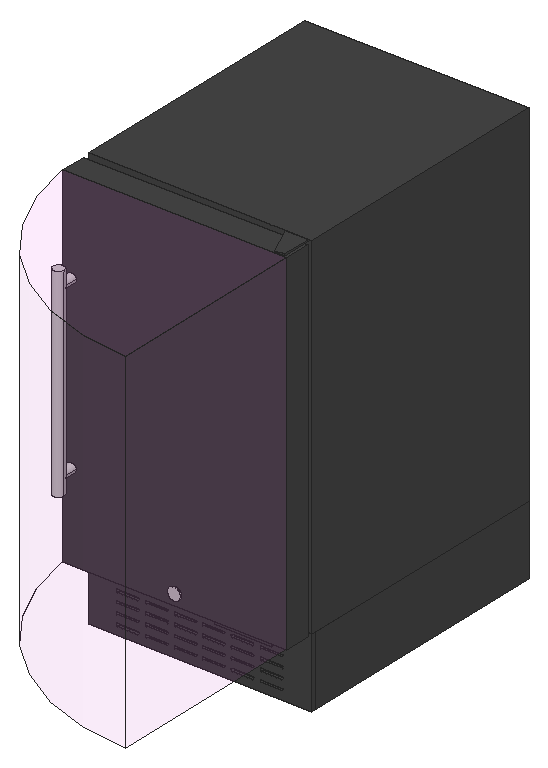
Revit family "QF_Summit_FF1843B_Refrigerator", category Specialty Equipment, Revit 2020
Family settings
  Round Connector Dimension = Use Diameter
  Part Type = Normal
  Work Plane-Based = No
  Always vertical = Yes
  Cut with Voids When Loaded = No
  Shared = No
  Room Calculation Point = No
Parameters
  Weight in Pounds = 90
  Watts = Volts * FL Amps  # 126.5 W
  Volts = 115 V
  URL Cutsheet = ""
  Specification by User = ""
  Specification by Manufacturer = ""
  Show LHD [instance] = no
  Right Hinged Door [instance] = not(Show LHD)  # yes
  Serial Number = ""
  Seismic Rating = ""
  SMACNA No = ""
  Revision Code = ""
  Refrigerant Volume = 0.00 kip
  Refrigerant Type = "R600a"
  Phase = 1
  Number of Poles = 1
  NAFEM Spec ID Number = ""
  Model = "FF1843B"
  Min Ckt Ampacity = 0 A
  Max Overcurrent Protection = 0 A
  Masterspec = ""
  Manufacturer = "Summit"
  Length = 17 3/4"
  Item Number = ""
  Installed By = ""
  Identify Quantity as Lot = yes
  Height = 34 1/4"
  HP = ""
  Furnished By = ""
  Foodservice Equipment Identifier = yes
  FL Amps = 1.1 A
  Electrical Remarks = ""
  Electric Connection Type = ""
  Elec Conn RI Height = 0"
  Elec Conn Connection Height = 0"
  Description = "Refrigerator"
  Depth = 24"
  Default Elevation = 0"
  Cycle = 60 Hz
  Conn Plug = ""
  Conn Conduit = yes
  CSI MasterFormat = ""
  BTUH = 0.0 Btu/h
  Apparent Power = if(Phase = 3, Volts * FL Amps * 1.73, Volts * FL Amps)  # 126.5 VA
Reference planes (in)
  plane 1 "BACK": y = 0
  plane 2: z = 0
  plane 3 "LEFT": x = 0
  plane 4 "RIGHT": x = 17.75
  plane 5 "FRONT": y = -24
  plane 6 "TOP": z = 34.25
  plane 7 "Center Y": x = 8.875
  plane 8 "Center X": y = -12
  plane 9: y = -25.75
  plane 10: y = -40
  plane 11: z = 0.75
  plane 12: x = 14.75
  plane 13: z = 27.9375
  plane 14: z = 11.9375
  plane 15: y = -21.5
  plane 16: z = 34.125
  plane 17: z = 6.25
Forms (in)
  Extrusion 1, solid, material "QF_Metallic_Paint_Black_Smooth"
    sketch origin (-4.07558, -173.75, 3) x (-1, 0, 0) y (0, -1, 0)
      loop
        line (-4.07558, -173.75) -> (-4.07558, -152.25) -> (-21.82558, -152.25) -> (-21.82558, -173.75) -> (-4.07558, -173.75)
    from 3.25 to 31.25
  Extrusion 2, solid, material "QF_Metallic_Paint_Black_Smooth"
    sketch origin (-5.77638, -180.875, 6.25) x (-1, 0, 0) y (0, -1, 0)
      loop
        line (-5.77638, -156.875) -> (-23.52638, -156.875) -> (-23.52638, -158.95152) -> (-5.77638, -158.95152) -> (-5.77638, -156.875)
    from 0 to 27.875
  Extrusion 3, solid, material "QF_Metallic_Paint_Black_Smooth"
    sketch origin (23.5, -21.92348, 6.25) x (-1, 0, 0) y (0, 0, 1)
      loop
        line (6.25, 0.5) -> (23, 0.5) -> (23, 27.375) -> (6.25, 27.375) -> (6.25, 0.5)
    from 0 to 0.42348
  Extrusion 4, solid, material "QF_Metal_Stainless_Polished", visible <- "Right Hinged Door"
    sketch origin (-5.64398, -181.7489, 23.25) x (-1, 0, 0) y (0, -1, 0)
      loop
        circle (-6.30689, -156.43406) r 0.43516
    from -11.3125 to 4.6875
  Extrusion 5, solid, material "QF_Metallic_Paint_Black_Smooth"
    sketch origin (3.16331, 0, 0.52816) x (1, 0, 0) y (0, 0, -1)
      loop
        circle (11.58669, -0.97184) r 0.25
    from 0 to 0.25
  Extrusion 6, solid, material "QF_Metal_Stainless_Polished"
    sketch origin (-2.9375, -24, 6.25) x (1, 0, 0) y (0, 0, 1)
      loop
        circle (11.8125, 0.875) r 0.5
    from 0 to 0.0625
  Extrusion 7, solid, material "QF_Metal_Stainless_Polished", visible <- "Right Hinged Door"
    sketch origin (0, -24, 2.75) x (1, 0, 0) y (0, 0, 1)
      loop
        circle (0.66291, 23.9375) r 0.34631
      loop
        circle (0.66291, 10.4375) r 0.34631
    from 0 to 1.38673
  Revolve 8, solid, material "QF_Metallic_Paint_Black_Smooth"
    sketch origin (0, -2, 0) x (1, 0, 0) y (0, 0, 1)
      loop
        line (1.15625, 0) -> (1.75, 0) -> (1.75, 0.75) -> (1.09063, 0.75) -> (1.15625, 0)
      axis (1.75, 0.75) -> (1.75, 0)
    angle from 0 to 360
  Revolve 9, solid, material "QF_Metallic_Paint_Black_Smooth"
    sketch origin (0, -19.5, 0) x (1, 0, 0) y (0, 0, 1)
      loop
        line (1.75, 0.75) -> (1.09063, 0.75) -> (1.15625, 0) -> (1.75, 0) -> (1.75, 0.75)
      axis (1.75, 0.75) -> (1.75, 0)
    angle from 0 to 360
  Extrusion 10, solid, material "QF_Clearances_Door_Drawer", visible <- "Right Hinged Door"
    sketch origin (-4.07558, -186.75, 3.5) x (-1, 0, 0) y (0, -1, 0)
      loop
        line (-21.82558, -162.75) -> (-4.07558, -162.75)
        arc (-4.07558, -162.75) -> (-9.96661, -151.43965) -> (-21.82558, -146.75) r 18.2452
        line (-21.82558, -146.75) -> (-21.82558, -162.75)
    from 2.75 to 30.625
  Extrusion 11, solid, material "QF_Metallic_Paint_Black_Smooth"
    sketch origin (0, 0, 2.75) x (1, 0, 0) y (0, 0, 1)
      loop
        line (0, 3.5) -> (0, -2) -> (17.75, -2) -> (17.75, 3.5) -> (0, 3.5)
    from 0 to 21.25
  Extrusion 12, solid, material "QF_Metallic_Paint_Black_Smooth"
    sketch origin (-7.77831, -21.5, 50.75) x (-1, 0, 0) y (0, 0, 1)
      loop
        line (-7.77831, -44.5) -> (-25.52831, -44.5) -> (-25.52831, -50) -> (-7.77831, -50) -> (-7.77831, -44.5)
      loop
        line (-10.13624, -45.08943) -> (-11.73052, -45.08943)
        arc (-11.73052, -45.08943) -> (-11.85552, -45.21443) -> (-11.73052, -45.33943) r 0.125
        line (-11.73052, -45.33943) -> (-10.13624, -45.33943)
        arc (-10.13624, -45.33943) -> (-10.01124, -45.21443) -> (-10.13624, -45.08943) r 0.125
      loop
        line (-10.13624, -45.89363) -> (-11.73052, -45.89363)
        arc (-11.73052, -45.89363) -> (-11.85552, -46.01863) -> (-11.73052, -46.14363) r 0.125
        line (-11.73052, -46.14363) -> (-10.13624, -46.14363)
        arc (-10.13624, -46.14363) -> (-10.01124, -46.01863) -> (-10.13624, -45.89363) r 0.125
      loop
        line (-10.13624, -46.69783) -> (-11.73052, -46.69783)
        arc (-11.73052, -46.69783) -> (-11.85552, -46.82283) -> (-11.73052, -46.94783) r 0.125
        line (-11.73052, -46.94783) -> (-10.13624, -46.94783)
        arc (-10.13624, -46.94783) -> (-10.01124, -46.82283) -> (-10.13624, -46.69783) r 0.125
      loop
        line (-12.46135, -45.08943) -> (-14.05563, -45.08943)
        arc (-14.05563, -45.08943) -> (-14.18063, -45.21443) -> (-14.05563, -45.33943) r 0.125
        line (-14.05563, -45.33943) -> (-12.46135, -45.33943)
        arc (-12.46135, -45.33943) -> (-12.33635, -45.21443) -> (-12.46135, -45.08943) r 0.125
      loop
        line (-12.46135, -45.89363) -> (-14.05563, -45.89363)
        arc (-14.05563, -45.89363) -> (-14.18063, -46.01863) -> (-14.05563, -46.14363) r 0.125
        line (-14.05563, -46.14363) -> (-12.46135, -46.14363)
        arc (-12.46135, -46.14363) -> (-12.33635, -46.01863) -> (-12.46135, -45.89363) r 0.125
      loop
        line (-12.46135, -46.69783) -> (-14.05563, -46.69783)
        arc (-14.05563, -46.69783) -> (-14.18063, -46.82283) -> (-14.05563, -46.94783) r 0.125
        line (-14.05563, -46.94783) -> (-12.46135, -46.94783)
        arc (-12.46135, -46.94783) -> (-12.33635, -46.82283) -> (-12.46135, -46.69783) r 0.125
      loop
        line (-14.7426, -45.08943) -> (-16.33688, -45.08943)
        arc (-16.33688, -45.08943) -> (-16.46188, -45.21443) -> (-16.33688, -45.33943) r 0.125
        line (-16.33688, -45.33943) -> (-14.7426, -45.33943)
        arc (-14.7426, -45.33943) -> (-14.6176, -45.21443) -> (-14.7426, -45.08943) r 0.125
      loop
        line (-14.7426, -45.89363) -> (-16.33688, -45.89363)
        arc (-16.33688, -45.89363) -> (-16.46188, -46.01863) -> (-16.33688, -46.14363) r 0.125
        line (-16.33688, -46.14363) -> (-14.7426, -46.14363)
        arc (-14.7426, -46.14363) -> (-14.6176, -46.01863) -> (-14.7426, -45.89363) r 0.125
      loop
        line (-14.7426, -46.69783) -> (-16.33688, -46.69783)
        arc (-16.33688, -46.69783) -> (-16.46188, -46.82283) -> (-16.33688, -46.94783) r 0.125
        line (-16.33688, -46.94783) -> (-14.7426, -46.94783)
        arc (-14.7426, -46.94783) -> (-14.6176, -46.82283) -> (-14.7426, -46.69783) r 0.125
      loop
        arc (-23.17038, -46.69783) -> (-23.29538, -46.82283) -> (-23.17038, -46.94783) r 0.125
        line (-23.17038, -46.94783) -> (-21.5761, -46.94783)
        arc (-21.5761, -46.94783) -> (-21.4511, -46.82283) -> (-21.5761, -46.69783) r 0.125
        line (-21.5761, -46.69783) -> (-23.17038, -46.69783)
      loop
        arc (-20.84527, -46.69783) -> (-20.97027, -46.82283) -> (-20.84527, -46.94783) r 0.125
        line (-20.84527, -46.94783) -> (-19.25099, -46.94783)
        arc (-19.25099, -46.94783) -> (-19.12599, -46.82283) -> (-19.25099, -46.69783) r 0.125
        line (-19.25099, -46.69783) -> (-20.84527, -46.69783)
      loop
        arc (-18.56402, -46.69783) -> (-18.68902, -46.82283) -> (-18.56402, -46.94783) r 0.125
        line (-18.56402, -46.94783) -> (-16.96974, -46.94783)
        arc (-16.96974, -46.94783) -> (-16.84474, -46.82283) -> (-16.96974, -46.69783) r 0.125
        line (-16.96974, -46.69783) -> (-18.56402, -46.69783)
      loop
        line (-10.13624, -47.50203) -> (-11.73052, -47.50203)
        arc (-11.73052, -47.50203) -> (-11.85552, -47.62703) -> (-11.73052, -47.75203) r 0.125
        line (-11.73052, -47.75203) -> (-10.13624, -47.75203)
        arc (-10.13624, -47.75203) -> (-10.01124, -47.62703) -> (-10.13624, -47.50203) r 0.125
      loop
        line (-12.46135, -47.50203) -> (-14.05563, -47.50203)
        arc (-14.05563, -47.50203) -> (-14.18063, -47.62703) -> (-14.05563, -47.75203) r 0.125
        line (-14.05563, -47.75203) -> (-12.46135, -47.75203)
        arc (-12.46135, -47.75203) -> (-12.33635, -47.62703) -> (-12.46135, -47.50203) r 0.125
      loop
        line (-14.7426, -47.50203) -> (-16.33688, -47.50203)
        arc (-16.33688, -47.50203) -> (-16.46188, -47.62703) -> (-16.33688, -47.75203) r 0.125
        line (-16.33688, -47.75203) -> (-14.7426, -47.75203)
        arc (-14.7426, -47.75203) -> (-14.6176, -47.62703) -> (-14.7426, -47.50203) r 0.125
      loop
        arc (-23.17038, -47.50203) -> (-23.29538, -47.62703) -> (-23.17038, -47.75203) r 0.125
        line (-23.17038, -47.75203) -> (-21.5761, -47.75203)
        arc (-21.5761, -47.75203) -> (-21.4511, -47.62703) -> (-21.5761, -47.50203) r 0.125
        line (-21.5761, -47.50203) -> (-23.17038, -47.50203)
      loop
        arc (-20.84527, -47.50203) -> (-20.97027, -47.62703) -> (-20.84527, -47.75203) r 0.125
        line (-20.84527, -47.75203) -> (-19.25099, -47.75203)
        arc (-19.25099, -47.75203) -> (-19.12599, -47.62703) -> (-19.25099, -47.50203) r 0.125
        line (-19.25099, -47.50203) -> (-20.84527, -47.50203)
      loop
        arc (-18.56402, -47.50203) -> (-18.68902, -47.62703) -> (-18.56402, -47.75203) r 0.125
        line (-18.56402, -47.75203) -> (-16.96974, -47.75203)
        arc (-16.96974, -47.75203) -> (-16.84474, -47.62703) -> (-16.96974, -47.50203) r 0.125
        line (-16.96974, -47.50203) -> (-18.56402, -47.50203)
      loop
        line (-10.13624, -48.30624) -> (-11.73052, -48.30624)
        arc (-11.73052, -48.30624) -> (-11.85552, -48.43124) -> (-11.73052, -48.55624) r 0.125
        line (-11.73052, -48.55624) -> (-10.13624, -48.55624)
        arc (-10.13624, -48.55624) -> (-10.01124, -48.43124) -> (-10.13624, -48.30624) r 0.125
      loop
        line (-12.46135, -48.30624) -> (-14.05563, -48.30624)
        arc (-14.05563, -48.30624) -> (-14.18063, -48.43124) -> (-14.05563, -48.55624) r 0.125
        line (-14.05563, -48.55624) -> (-12.46135, -48.55624)
        arc (-12.46135, -48.55624) -> (-12.33635, -48.43124) -> (-12.46135, -48.30624) r 0.125
      loop
        line (-14.7426, -48.30624) -> (-16.33688, -48.30624)
        arc (-16.33688, -48.30624) -> (-16.46188, -48.43124) -> (-16.33688, -48.55624) r 0.125
        line (-16.33688, -48.55624) -> (-14.7426, -48.55624)
        arc (-14.7426, -48.55624) -> (-14.6176, -48.43124) -> (-14.7426, -48.30624) r 0.125
      loop
        arc (-23.17038, -48.30624) -> (-23.29538, -48.43124) -> (-23.17038, -48.55624) r 0.125
        line (-23.17038, -48.55624) -> (-21.5761, -48.55624)
        arc (-21.5761, -48.55624) -> (-21.4511, -48.43124) -> (-21.5761, -48.30624) r 0.125
        line (-21.5761, -48.30624) -> (-23.17038, -48.30624)
      loop
        arc (-20.84527, -48.30624) -> (-20.97027, -48.43124) -> (-20.84527, -48.55624) r 0.125
        line (-20.84527, -48.55624) -> (-19.25099, -48.55624)
        arc (-19.25099, -48.55624) -> (-19.12599, -48.43124) -> (-19.25099, -48.30624) r 0.125
        line (-19.25099, -48.30624) -> (-20.84527, -48.30624)
      loop
        arc (-18.56402, -48.30624) -> (-18.68902, -48.43124) -> (-18.56402, -48.55624) r 0.125
        line (-18.56402, -48.55624) -> (-16.96974, -48.55624)
        arc (-16.96974, -48.55624) -> (-16.84474, -48.43124) -> (-16.96974, -48.30624) r 0.125
        line (-16.96974, -48.30624) -> (-18.56402, -48.30624)
      loop
        line (-10.13624, -49.11044) -> (-11.73052, -49.11044)
        arc (-11.73052, -49.11044) -> (-11.85552, -49.23544) -> (-11.73052, -49.36044) r 0.125
        line (-11.73052, -49.36044) -> (-10.13624, -49.36044)
        arc (-10.13624, -49.36044) -> (-10.01124, -49.23544) -> (-10.13624, -49.11044) r 0.125
      loop
        line (-12.46135, -49.11044) -> (-14.05563, -49.11044)
        arc (-14.05563, -49.11044) -> (-14.18063, -49.23544) -> (-14.05563, -49.36044) r 0.125
        line (-14.05563, -49.36044) -> (-12.46135, -49.36044)
        arc (-12.46135, -49.36044) -> (-12.33635, -49.23544) -> (-12.46135, -49.11044) r 0.125
      loop
        line (-14.7426, -49.11044) -> (-16.33688, -49.11044)
        arc (-16.33688, -49.11044) -> (-16.46188, -49.23544) -> (-16.33688, -49.36044) r 0.125
        line (-16.33688, -49.36044) -> (-14.7426, -49.36044)
        arc (-14.7426, -49.36044) -> (-14.6176, -49.23544) -> (-14.7426, -49.11044) r 0.125
      loop
        arc (-23.17038, -49.11044) -> (-23.29538, -49.23544) -> (-23.17038, -49.36044) r 0.125
        line (-23.17038, -49.36044) -> (-21.5761, -49.36044)
        arc (-21.5761, -49.36044) -> (-21.4511, -49.23544) -> (-21.5761, -49.11044) r 0.125
        line (-21.5761, -49.11044) -> (-23.17038, -49.11044)
      loop
        arc (-20.84527, -49.11044) -> (-20.97027, -49.23544) -> (-20.84527, -49.36044) r 0.125
        line (-20.84527, -49.36044) -> (-19.25099, -49.36044)
        arc (-19.25099, -49.36044) -> (-19.12599, -49.23544) -> (-19.25099, -49.11044) r 0.125
        line (-19.25099, -49.11044) -> (-20.84527, -49.11044)
      loop
        arc (-18.56402, -49.11044) -> (-18.68902, -49.23544) -> (-18.56402, -49.36044) r 0.125
        line (-18.56402, -49.36044) -> (-16.96974, -49.36044)
        arc (-16.96974, -49.36044) -> (-16.84474, -49.23544) -> (-16.96974, -49.11044) r 0.125
        line (-16.96974, -49.11044) -> (-18.56402, -49.11044)
    from 0 to 0.25
  Extrusion 13, solid, material "QF_Metallic_Paint_Black_Smooth"
    sketch origin (-7.77831, -21.5, 50.75) x (1, 0, 0) y (0, 0, 1)
      loop
        line (17.82733, -45.19434) -> (17.82733, -46.47559) -> (22.35858, -46.47559) -> (22.35858, -45.19434) -> (17.82733, -45.19434)
    from 0 to 0.0625
  Extrusion 14, solid, material "Glass"
    sketch origin (-7.77831, -21.5625, 50.75) x (1, 0, 0) y (0, 0, 1)
      loop
        line (19.41784, -45.51214) -> (19.41784, -46.26214) -> (20.75995, -46.26214) -> (20.75995, -45.51214) -> (19.41784, -45.51214)
    from 0 to 0.03125
  Revolve 15, solid, material "QF_Metallic_Paint_Black_Smooth"
    sketch origin (17.75, -2, 0) x (-1, 0, 0) y (0, 0, -1)
      loop
        line (1.15625, 0) -> (1.09063, -0.75) -> (1.75, -0.75) -> (1.75, 0) -> (1.15625, 0)
      axis (1.75, -0.75) -> (1.75, 0)
    angle from 0 to 360
  Revolve 16, solid, material "QF_Metallic_Paint_Black_Smooth"
    sketch origin (17.75, -19.5, 0) x (-1, 0, 0) y (0, 0, -1)
      loop
        line (1.75, -0.75) -> (1.75, 0) -> (1.15625, 0) -> (1.09063, -0.75) -> (1.75, -0.75)
      axis (1.75, -0.75) -> (1.75, 0)
    angle from 0 to 360
  Extrusion 17, solid, material "QF_Metallic_Paint_Black_Smooth", visible <- "Right Hinged Door"
    sketch origin (-5.77638, -180.875, 34.125) x (-1, 0, 0) y (0, -1, 0)
      loop
        line (-23.27638, -159.375) -> (-21.46153, -159.375) -> (-22.52638, -156.98331) -> (-23.27638, -156.98331) -> (-23.27638, -159.375)
    from 0 to 0.125
  Extrusion 18, solid, material "QF_Metal_Stainless_Polished", visible <- "Show LHD"
    sketch origin (23.39398, -181.7489, 23.25) x (1, 0, 0) y (0, 1, 0)
      loop
        circle (-6.30689, 156.43406) r 0.43516
    from -11.3125 to 4.6875
  Extrusion 19, solid, material "QF_Metal_Stainless_Polished", visible <- "Show LHD"
    sketch origin (17.75, -24, 2.75) x (-1, 0, 0) y (0, 0, -1)
      loop
        circle (0.66291, -23.9375) r 0.34631
      loop
        circle (0.66291, -10.4375) r 0.34631
    from 0 to 1.38673
  Extrusion 20, solid, material "QF_Clearances_Door_Drawer", visible <- "Show LHD"
    sketch origin (21.82558, -186.75, 3.5) x (1, 0, 0) y (0, 1, 0)
      loop
        line (-21.82558, 162.75) -> (-21.82558, 146.75)
        arc (-21.82558, 146.75) -> (-9.96661, 151.43965) -> (-4.07558, 162.75) r 18.2452
        line (-4.07558, 162.75) -> (-21.82558, 162.75)
    from 2.75 to 30.625
  Extrusion 21, solid, material "QF_Metallic_Paint_Black_Smooth", visible <- "Show LHD"
    sketch origin (23.52638, -180.875, 34.125) x (1, 0, 0) y (0, 1, 0)
      loop
        line (-23.27638, 159.375) -> (-23.27638, 156.98331) -> (-22.52638, 156.98331) -> (-21.46153, 159.375) -> (-23.27638, 159.375)
    from 0 to 0.125
Lines and regions (in)
  symbolic lines, visible <- "Right Hinged Door"
    curve 1: arc (0.22776, -25.31484, 0) -> (0.66291, -25.75, 0) -> (1.09807, -25.31484, 0) r 0.43516
    curve 2: arc (1.09807, -25.31484, 0) -> (0.66291, -24.87968, 0) -> (0.22776, -25.31484, 0) r 0.43516
    curve 3: line (0.31661, -24, 0) -> (0.31661, -25.05134, 0)
    curve 4: line (1.00922, -24, 0) -> (1.00922, -25.05134, 0)
    curve 9: line (0.5, -21.5, 0) -> (0.5, -21.92348, 0)
    curve 16: line (15.68515, -21.5, 0) -> (16.75, -23.89169, 0)
    curve 17: line (16.75, -23.89169, 0) -> (17.5, -23.89169, 0)
    curve 18: line (17.5, -23.89169, 0) -> (17.5, -21.5, 0)
    curve 30: line (1.8763, -21.92348, 0) -> (0.25, -21.92348, 0)
  symbolic lines
    curve 5: line (0, -24, 0) -> (17.75, -24, 0)
    curve 6: line (17.75, -24, 0) -> (17.75, -21.92348, 0)
    curve 7: line (17.75, -21.92348, 0) -> (17.5, -21.92348, 0)
    curve 8: line (0, -21.92348, 0) -> (0, -24, 0)
    curve 10: line (17.75, -21.5, 0) -> (0, -21.5, 0)
    curve 11: line (0, -21.5, 0) -> (0, 0, 0)
    curve 12: line (0, 0, 0) -> (17.75, 0, 0)
    curve 13: line (17.75, 0, 0) -> (17.75, -21.5, 0)
    curve 19: line (15.8737, -21.92348, 0) -> (1.8763, -21.92348, 0)
    curve 29: line (0.25, -21.92348, 0) -> (0, -21.92348, 0)
  symbolic lines, style "QF_Clearances_Door_Drawer", visible <- "Right Hinged Door"
    curve 14: line (17.75, -24, 0) -> (3.26153, -32.36492, 0)
    curve 15: arc (0, -24, 0) -> (1.1082, -28.38621, 0) -> (3.26153, -32.36492, 0) r 18.2452
  symbolic lines, visible <- "Show LHD"
    curve 20: arc (17.52224, -25.31484, 0) -> (17.08709, -25.75, 0) -> (16.65193, -25.31484, 0) r 0.43516
    curve 21: arc (16.65193, -25.31484, 0) -> (17.08709, -24.87968, 0) -> (17.52224, -25.31484, 0) r 0.43516
    curve 22: line (17.43339, -24, 0) -> (17.43339, -25.05134, 0)
    curve 23: line (16.74078, -24, 0) -> (16.74078, -25.05134, 0)
    curve 26: line (2.06485, -21.5, 0) -> (1, -23.89169, 0)
    curve 27: line (1, -23.89169, 0) -> (0.25, -23.89169, 0)
    curve 28: line (0.25, -23.89169, 0) -> (0.25, -21.5, 0)
    curve 31: line (17.25, -21.5, 0) -> (17.25, -21.92348, 0)
    curve 32: line (15.8737, -21.92348, 0) -> (17.5, -21.92348, 0)
  symbolic lines, style "QF_Clearances_Door_Drawer", visible <- "Show LHD"
    curve 24: line (0, -24, 0) -> (14.48847, -32.36492, 0)
    curve 25: arc (17.75, -24, 0) -> (16.6418, -28.38621, 0) -> (14.48847, -32.36492, 0) r 18.2452
Dimensions and locks (in)
  equal spacing: plane 3 "LEFT", plane 7 "Center Y", plane 4 "RIGHT"
  "Length": plane 3 "LEFT" to plane 4 "RIGHT"
  equal spacing: plane 5 "FRONT", plane 8 "Center X", plane 1 "BACK"
  "Depth": plane 5 "FRONT" to plane 1 "BACK"
  "Height": plane 6 "TOP" to level
  plane 4 "RIGHT" to plane 3 "LEFT" = 17 3/4"
  locked: plane 9 to plane 5 "FRONT" at 1.75
  plane 11 to plane 2 = 3/4"
  plane 10 to plane 1 "BACK" = 40"
  plane 15 to plane 1 "BACK" = 21 1/2"
  locked: plane 12 to plane 4 "RIGHT" at 3
  plane 13 to plane 14 = 16"
  plane 16 to plane 2 = 34 1/8"
  plane 17 to plane 11 = 5 1/2"
  locked: plane 6 "TOP" to plane 16 at 0.125
  aligned and locked: level to plane 2
Automatic sketch dimensions
  plane 1 "BACK" to Extrusion 1 sketch curve = 0"
  Extrusion 1 sketch curve to plane 4 "RIGHT" = 0"
  Extrusion 1 sketch curve to plane 3 "LEFT" = 0"
  Extrusion 1 sketch curve to plane 15 = 0"
  Extrusion 2 sketch curve to plane 4 "RIGHT" = 0"
  Extrusion 2 sketch curve to plane 3 "LEFT" = 0"
  plane 5 "FRONT" to Extrusion 2 sketch curve = 0"
  Extrusion 2 sketch curve to plane 15 = 0.42348"
  Extrusion 2 to Extrusion 3 sketch curve = 1/2"  (x3)
  Extrusion 3 sketch curve to Extrusion 2 = 1/2"
  plane 3 "LEFT" to Extrusion 4 sketch curve = 0.66291"
  plane 9 to Extrusion 4 sketch curve = 0.43516"
  Extrusion 5 sketch curve to Extrusion 1 = 3"
  Extrusion 5 sketch curve to Extrusion 1 = 4 3/4"
  Extrusion 2 to Extrusion 6 sketch curve = 7/8"
  Extrusion 2 to Extrusion 6 sketch curve = 8 7/8"
  plane 3 "LEFT" to Extrusion 7 sketch curve = 0.66291"  (x2)
  Extrusion 7 sketch curve to plane 14 = 1 1/4"
  plane 13 to Extrusion 7 sketch curve = 1 1/4"
  Revolve 8 sketch curve to plane 11 = 0"
  Revolve 8 sketch curve to level = 0"  (x2)
  plane 3 "LEFT" to Revolve 8 sketch curve = 1.09063"
  Revolve 8 sketch curve to Revolve 8 sketch curve = 0.06562"
  Revolve 8 sketch curve to Revolve 8 sketch curve = 19/32"
  Revolve 8 sketch curve to Revolve 8 sketch curve = 0"
  Revolve 8 sketch curve to Revolve 8 sketch curve = 0.30828"
  Revolve 9 sketch curve to plane 11 = 0"
  Revolve 9 sketch curve to level = 0"  (x2)
  plane 3 "LEFT" to Revolve 9 sketch curve = 1.09063"
  Revolve 9 sketch curve to Revolve 9 sketch curve = 0.06562"
  Revolve 9 sketch curve to Revolve 9 sketch curve = 0.65937"
  Revolve 9 sketch curve to Revolve 9 sketch curve = 0"
  Revolve 9 sketch curve to Revolve 9 sketch curve = 0.33456"
  Extrusion 10 sketch curve to plane 4 "RIGHT" = 0"
  Extrusion 10 sketch curve to plane 3 "LEFT" = 0"
  plane 5 "FRONT" to Extrusion 10 sketch curve = 0"
  Extrusion 10 sketch curve to plane 10 = 0"
  Extrusion 10 sketch curve to plane 15 = 0.25829"
  Extrusion 11 sketch curve to plane 3 "LEFT" = 0"
  plane 4 "RIGHT" to Extrusion 11 sketch curve = 0"
  Extrusion 11 sketch curve to plane 11 = 0"
  Extrusion 11 sketch curve to plane 17 = 0"
  plane 4 "RIGHT" to Extrusion 12 sketch curve = 0"
  Extrusion 12 sketch curve to plane 3 "LEFT" = 0"
  Extrusion 12 sketch curve to plane 11 = 0"
  Extrusion 12 sketch curve to plane 17 = 0"
  Extrusion 12 sketch curve to plane 12 = 0.64207"  (x2)
  Extrusion 12 sketch curve to Extrusion 12 sketch curve = 0"  (x33)
  plane 12 to Extrusion 12 sketch curve = 0.95221"
  Extrusion 12 sketch curve to Extrusion 12 sketch curve = 0.73083"  (x4)
  Extrusion 12 sketch curve to Extrusion 12 sketch curve = 1.59428"  (x6)
  Extrusion 12 sketch curve to Extrusion 12 sketch curve = 0.68697"  (x5)
  plane 7 "Center Y" to Extrusion 12 sketch curve = 0.31643"  (x4)
  Extrusion 12 sketch curve to plane 7 "Center Y" = 0.31643"  (x6)
  plane 11 to Extrusion 12 sketch curve = 0.63956"  (x5)
  Extrusion 12 sketch curve to plane 17 = 0.83943"
  Extrusion 12 sketch curve to Extrusion 12 sketch curve = 1/8"  (x30)
  Extrusion 12 sketch curve to Extrusion 12 sketch curve = 0.5542"  (x23)
  Extrusion 13 sketch curve to Extrusion 12 = 0.22224"
  Extrusion 13 sketch curve to Extrusion 12 = 7.70098"
  Extrusion 13 sketch curve to Extrusion 12 = 3.16973"
  Extrusion 12 to Extrusion 13 sketch curve = 0.10491"
  Extrusion 14 sketch curve to Extrusion 13 = 0.21345"
  Extrusion 14 sketch curve to Extrusion 13 = 1.59051"
  Extrusion 14 sketch curve to Extrusion 14 sketch curve = 1.34211"
  Extrusion 14 sketch curve to Extrusion 13 = 0.3178"
  Revolve 15 sketch curve to plane 11 = 0"
  Revolve 15 sketch curve to level = 0"  (x2)
  plane 4 "RIGHT" to Revolve 15 sketch curve = 1.09063"
  Revolve 15 sketch curve to Revolve 15 sketch curve = 0.06562"
  Revolve 15 sketch curve to Revolve 15 sketch curve = 19/32"
  Revolve 15 sketch curve to Revolve 15 sketch curve = 0"
  Revolve 15 sketch curve to Revolve 15 sketch curve = 0.30828"
  Revolve 16 sketch curve to plane 11 = 0"
  Revolve 16 sketch curve to level = 0"  (x2)
  plane 4 "RIGHT" to Revolve 16 sketch curve = 1.09063"
  Revolve 16 sketch curve to Revolve 16 sketch curve = 0.06562"
  Revolve 16 sketch curve to Revolve 16 sketch curve = 0.65937"
  Revolve 16 sketch curve to Revolve 16 sketch curve = 0"
  Revolve 16 sketch curve to Revolve 16 sketch curve = 0.33456"
  Extrusion 17 sketch curve to Extrusion 2 = 0.10831"
  Extrusion 17 sketch curve to Extrusion 2 = 1/4"
  Extrusion 17 sketch curve to Extrusion 17 sketch curve = 3/4"
  Extrusion 2 to Extrusion 17 sketch curve = 0.42348"
  Extrusion 17 sketch curve to Extrusion 17 sketch curve = 1.81485"
  plane 4 "RIGHT" to Extrusion 18 sketch curve = 0.66291"
  plane 9 to Extrusion 18 sketch curve = 0.43516"
  plane 4 "RIGHT" to Extrusion 19 sketch curve = 0.66291"  (x2)
  plane 13 to Extrusion 19 sketch curve = 1 1/4"
  Extrusion 19 sketch curve to plane 14 = 1 1/4"
  Extrusion 20 sketch curve to plane 3 "LEFT" = 0"
  Extrusion 20 sketch curve to plane 4 "RIGHT" = 0"
  Extrusion 20 sketch curve to plane 10 = 0"
  plane 5 "FRONT" to Extrusion 20 sketch curve = 0"
  Extrusion 20 sketch curve to plane 15 = 0.25829"
  Extrusion 21 sketch curve to Extrusion 2 = 0.10831"
  Extrusion 21 sketch curve to Extrusion 2 = 1/4"
  Extrusion 21 sketch curve to Extrusion 21 sketch curve = 3/4"
  Extrusion 2 to Extrusion 21 sketch curve = 0.42348"
  Extrusion 21 sketch curve to Extrusion 21 sketch curve = 1.81485"
  curve 1 to curve 2 = 0"  (x2)
  curve 20 to curve 21 = 0"  (x2)
  curve 24 to plane 3 "LEFT" = 0"
  curve 10 to plane 3 "LEFT" = 0"
  curve 28 to plane 15 = 0"
  plane 5 "FRONT" to curve 3 = 0"
  plane 1 "BACK" to curve 13 = 0"
  curve 13 to plane 4 "RIGHT" = 0"
  curve 14 to plane 4 "RIGHT" = 0"
  curve 25 to plane 3 "LEFT" = 0.35696"
  curve 27 to plane 5 "FRONT" = 0.10831"
  plane 3 "LEFT" to curve 27 = 1/4"
  plane 3 "LEFT" to curve 2 = 0.66291"
  curve 27 to curve 27 = 3/4"
  curve 19 to plane 15 = 0.42348"
  curve 29 to curve 19 = 1.6263"
  plane 3 "LEFT" to curve 14 = 3.26153"
  plane 12 to curve 24 = 0.26153"
  curve 17 to plane 5 "FRONT" = 0.10831"
  plane 4 "RIGHT" to curve 17 = 1"
  plane 4 "RIGHT" to curve 20 = 0.66291"
  plane 4 "RIGHT" to curve 18 = 1/4"
  curve 15 to plane 4 "RIGHT" = 0.35696"
  plane 9 to curve 20 = 0.43516"
  plane 9 to curve 1 = 0.43516"
  curve 14 to curve 1 = 7.05008"
  curve 24 to curve 20 = 7.05008"
  curve 29 to curve 25 = 0.16519"
  curve 6 to curve 15 = 0.16519"
  plane 3 "LEFT" to curve 1 = 0.22776"
  curve 27 to curve 3 = 0.06661"
  curve 29 to curve 9 = 1/4"
  curve 4 to curve 1 = 0.08885"
  curve 30 to curve 19 = 0"
  curve 16 to plane 12 = 0.93515"
  curve 32 to curve 19 = 0"
  curve 20 to curve 20 = 0.43516"
  curve 23 to curve 16 = 0.00922"
  curve 31 to curve 7 = 1/4"
  curve 22 to curve 17 = 0.06661"
  radius of Extrusion 4 sketch curve = 0.43516"
  radius of Extrusion 5 sketch curve = 1/4"
  radius of Extrusion 6 sketch curve = 1/2"
  radius of Extrusion 7 sketch curve = 0.34631"  (x2)
  radius of Extrusion 18 sketch curve = 0.43516"
  radius of Extrusion 19 sketch curve = 0.34631"  (x2)
Connectors (in)
  electrical at (14.75, 0.25, 1.5), driven by "Volts", driven by "Watts"
    settings: on Extrusion 5, index 4, voltage 115 V, apparent load 126.5 VA, apparent load phase1 0 VA, apparent load phase2 0 VA, apparent load phase3 0 VA, power factor 1, load classification "Other", number of poles 1, system type 30, power factor state 1, is connector primary yes, connector utility no, sub classification motor no, connector description ""
